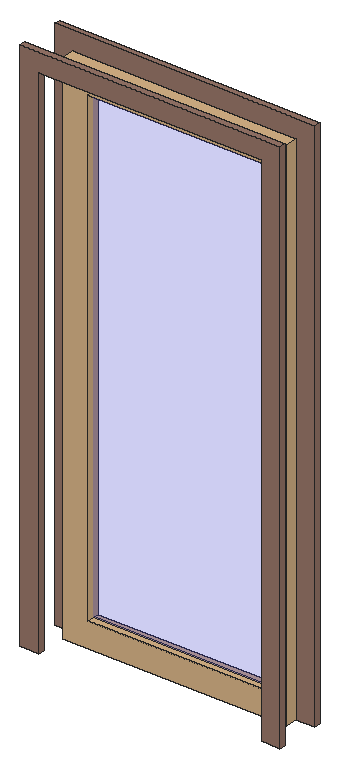
Revit family
Parameters (values of type "0915 x 2134mm")
  Thickness = 51.00 mm
  Door Material = Door - Panel
  Frame Material = Door - Frame
  Height = 2134.00 mm
  Rail Width - Base = 102.00 mm
  Rail Width - Top = 102.00 mm
  Stile Width - Hinge = 102.00 mm
  Stile Width - Latch = 102.00 mm
  Trim Projection Ext = 25.00 mm
  Trim Projection Int = 25.00 mm
  Trim Width = 76.00 mm
  Wall Closure = (empty or 0)
  Width = 915.00 mm
Types (7, lengths in mm): name | Height | Width
  0915 x 2134mm | 2134.00 | 915.00
  0864 x 2134mm | 2134.00 | 864.00
  0813 x 2134mm | 2134.00 | 813.00
  0762 x 2134mm | 2134.00 | 762.00
  0762 x 2032mm | 2032.00 | 762.00
  0915 x 2032mm | 2032.00 | 915.00
  0864 x 2032mm | 2032.00 | 864.00
Reference planes
  plane 1: y = 0
  plane 2: z = 0
  plane 3: x = 0
  plane 4: x = -457.5
  plane 5: x = 457.5
  plane 6: z = 2134
  plane 7: y = 53.975
Forms (mm)
  Extrusion 1, solid, material "Door - Panel" <- "Door Material"
    sketch origin (0, 0, 0) x (1, 0, 0) y (0, 0, 1)
      loop
        line (-457.5, 2134) -> (-457.5, 0) -> (457.5, 0) -> (457.5, 2134) -> (-457.5, 2134)
      loop
        line (355.5, 2032) -> (-355.5, 2032) -> (-355.5, 102) -> (355.5, 102) -> (355.5, 2032)
    from -76.2 to -25.2
  Extrusion 2, solid, material "Glass"
    sketch origin (0, 0, 0) x (1, 0, 0) y (0, 0, 1)
      loop
        line (355.5, 2032) -> (-355.5, 2032) -> (-355.5, 102) -> (355.5, 102) -> (355.5, 2032)
    from -47.625 to -53.975
  Extrusion 3, solid, material "Door - Frame" <- "Frame Material"
    sketch origin (-2145.663, 76.2, 0) x (-1, 0, 0) y (0, 0, 1)
      loop
        line (-2603.163, 0) -> (-2603.163, 2134) -> (-1688.163, 2134) -> (-1688.163, 0) -> (-1612.163, 0) -> (-1612.163, 2210) -> (-2679.163, 2210) -> (-2679.163, 0) -> (-2603.163, 0)
    from 0 to 25
  Extrusion 4, solid, material "Door - Frame" <- "Frame Material"
    sketch origin (-2145.663, -76.2, 0) x (1, 0, 0) y (0, 0, 1)
      loop
        line (2603.163, 0) -> (2679.163, 0) -> (2679.163, 2210) -> (1612.163, 2210) -> (1612.163, 0) -> (1688.163, 0) -> (1688.163, 2134) -> (2603.163, 2134) -> (2603.163, 0)
    from 0 to 25
Lines and regions (mm)
  Opening 1
    outline origin (-1524, -76.2, 3657.6) x (0, 0, -1) y (1, 0, 0)
      loop
        line (1523.6, 1066.5) -> (3657.6, 1066.5) -> (3657.6, 1981.5) -> (1523.6, 1981.5) -> (1523.6, 1066.5)
  symbolic lines, style "DoorsPanelProjection"
    curve 1: line (457.5, 76.2, 0) -> (406.5, 76.2, 0)
    curve 2: line (457.5, 76.2, 0) -> (457.5, 178.2, 0)
    curve 3: line (457.5, 991.2, 0) -> (406.5, 991.2, 0)
    curve 4: line (406.5, 76.2, 0) -> (406.5, 178.2, 0)
    curve 10: line (406.5, 889.2, 0) -> (457.5, 889.2, 0)
    curve 11: line (406.5, 178.2, 0) -> (457.5, 178.2, 0)
    curve 13: line (406.5, 889.2, 0) -> (406.5, 991.2, 0)
    curve 14: line (457.5, 889.2, 0) -> (457.5, 991.2, 0)
    curve 15: line (406.5, 178.2, 0) -> (406.5, 889.2, 0)
    curve 16: line (457.5, 178.2, 0) -> (457.5, 889.2, 0)
  symbolic lines, style "Plan Swing"
    curve 5: arc (457.5, 991.2, 0) -> (-189.503, 723.203, 0) -> (-457.5, 76.2, 0) r 915
  symbolic lines, style "DoorsGlassProjection"
    curve 6: line (355.5, 0, 2032) -> (355.5, 0, 102)
    curve 7: line (355.5, 0, 2032) -> (-355.5, 0, 2032)
    curve 8: line (-355.5, 0, 2032) -> (-355.5, 0, 102)
    curve 9: line (355.5, 0, 102) -> (-355.5, 0, 102)
    curve 12: line (432, 889.2, 0) -> (432, 178.2, 0)
  symbolic lines, style "Elevation Swing"
    curve 17: line (-457.5, 0, 2134) -> (457.5, 0, 1067)
    curve 18: line (-457.5, 0, 0) -> (457.5, 0, 1067)
Dimensions and locks
  equal spacing: plane 4, plane 3, plane 5
  "Width": plane 4 to plane 5
  host wall to curve 1 = 0.00 mm
  control icon elem to host wall = 457.20 mm
  control icon elem to plane 5 = 305.10 mm
  "Height": plane 6 to plane 2
  "Stile Width - Latch": plane 4 to curve 8
  "Stile Width - Hinge": curve 6 to plane 5
  "Rail Width - Top": plane 6 to curve 7
  "Rail Width - Base": curve 9 to plane 2
  "Stile Width - Latch": curve 10 to curve 3
  "Stile Width - Hinge": curve 1 to curve 11
  "Width": curve 3 to host wall
  "Trim Width": Extrusion 3 sketch curve to Extrusion 1  (x3)
  "Trim Width": plane 4 to Extrusion 4 sketch curve
  "Trim Width": plane 5 to Extrusion 4 sketch curve
  "Trim Width": plane 6 to Extrusion 4 sketch curve
  "Trim Projection Int": Extrusion 4 to Extrusion 4
  locked: host wall to Extrusion 3
  locked: host wall to Extrusion 1
  "Thickness": curve 15 to plane 5
  equal spacing: curve 15, curve 12, plane 5
  "Thickness": Extrusion 1 to host wall
  "Trim Projection Ext": Extrusion 3 to host wall
  locked: host wall to plane 7 at 22.225
  locked: Extrusion 2 to Extrusion 2 at 6.35
  equal spacing: level, curve 18, plane 6
  aligned and locked: curve 7 to Extrusion 1 sketch curve
  aligned and locked: curve 6 to Extrusion 1 sketch curve
  aligned and locked: Extrusion 1 sketch curve to curve 7
  aligned and locked: Extrusion 1 sketch curve to curve 6
  aligned and locked: curve 7 to Extrusion 2 sketch curve
  aligned and locked: curve 6 to Extrusion 2 sketch curve
  aligned and locked: Extrusion 2 sketch curve to curve 7
  aligned and locked: Extrusion 2 sketch curve to curve 6
  aligned and locked: host wall to Extrusion 1  (x3)
  aligned and locked: Extrusion 3 sketch curve to curve 1
  aligned and locked: plane 6 to Extrusion 3 sketch curve
  aligned and locked: Extrusion 3 sketch curve to plane 2
  aligned and locked: plane 2 to Extrusion 3 sketch curve
  aligned and locked: plane 5 to Extrusion 3 sketch curve
  aligned and locked: Extrusion 3 to host wall  (x3)
  aligned and locked: Extrusion 4 sketch curve to curve 1
  aligned and locked: plane 6 to Extrusion 4 sketch curve
  aligned and locked: plane 2 to Extrusion 4 sketch curve  (x2)
  aligned and locked: level to Extrusion 4 sketch curve
  aligned and locked: Extrusion 4 to host wall
  aligned and locked: curve 4 to curve 13
  aligned and locked: plane 5 to curve 16
  aligned and locked: curve 2 to plane 5
  aligned and locked: Extrusion 3 sketch curve to Extrusion 1
  aligned and locked: Extrusion 4 sketch curve to Extrusion 1
  aligned and locked: Extrusion 1 to Extrusion 4 sketch curve
  aligned and locked: Extrusion 2 to plane 7
Automatic sketch dimensions
  Opening 1 sketch curve to plane 6 = 0.00 mm
  Opening 1 sketch curve to level = 0.00 mm
  Opening 1 sketch curve to plane 4 = 0.00 mm
  Opening 1 sketch curve to plane 5 = 0.00 mm
  Extrusion 1 sketch curve to plane 4 = 0.00 mm
  Extrusion 1 sketch curve to plane 5 = 0.00 mm
  Extrusion 1 sketch curve to level = 0.00 mm
  Extrusion 1 sketch curve to plane 6 = 0.00 mm
  Extrusion 4 sketch curve to plane 5 = 0.00 mm
  curve 5 to plane 4 = 0.00 mm
  curve 17 to plane 4 = 0.00 mm
  curve 17 to plane 6 = 0.00 mm
  curve 17 to plane 5 = 0.00 mm
  curve 18 to level = 0.00 mm
  curve 18 to plane 4 = 0.00 mm
